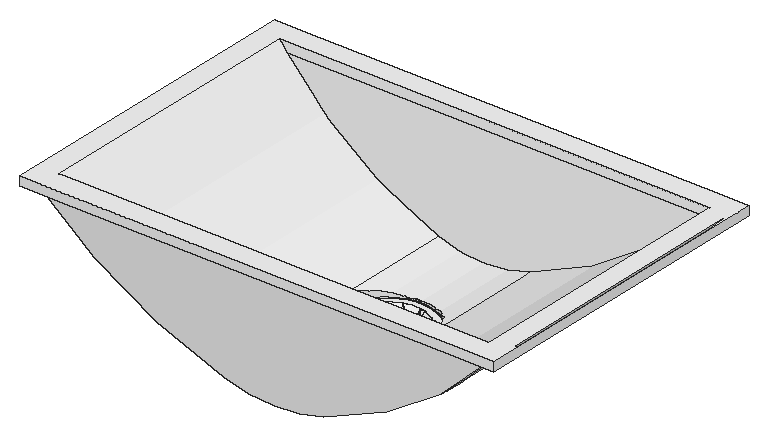
Revit family "Lav-Corian-European-Refresh-7420", category Plumbing Fixtures, host Face, Revit 2015
Parameters (values of type "7420")
  Width = 550 mm
  WFU = 0
  Version = "2015 - v1.0b"  # constant formula
  URL = "http://www.corian.uk/-the-complete-residential-surfaces-solutions-"
  Sink Colors Available = "Designer White, Glacier White"
  Product Page URL = "http://www.corian.uk/-bathroom-basins-"
  Model = "Refresh 7420"  # constant formula
  Manufacturer = "DuPont"  # constant formula
  Length = 370 mm
  Interior Width = 500 mm
  Interior Length = 320 mm
  Interior Depth = 176 mm
  HWFU = 0
  Finish = Solid Surface Sink - DuPont - Designer White
  Description = "Bathroom Basin Europe Specification"  # constant formula
  Depth = 130 mm
  Default Elevation = 1219.2 mm
  Cost = 0
  CWFU = 0
Reference planes
  plane 1 "Center (Front/Back)": y = 0
  plane 2: z = 0
  plane 3 "Center (Left/Right)": x = 0
  plane 4: y = 185
  plane 5: y = -185
  plane 6: x = -275
  plane 7: x = 275
  plane 8: z = -188
  plane 9: x = -250
  plane 10: x = 250
  plane 11: y = 160
  plane 12: y = -160
  plane 13 "NAME": z = -12
  plane 14: z = -142
  plane 15: y = 145
  plane 16: y = -145
  plane 17: z = -22.53
Forms (mm)
  Revolve 1, solid, material "Solid Surface Sink - DuPont - Designer White" <- "Finish"
    sketch origin (0, 0, 0) x (1, 0, 0) y (0, 0, 1)
      loop
        line (-53.984, -152.38) -> (-65.148, -152.38) -> (-39.543, -184) -> (-39.543, -188) -> (-24.543, -188) -> (-24.543, -180.443) -> (-46.569, -153.243) -> (-53.984, -153.243) -> (-53.984, -152.38)
      axis (0, -188) -> (0, -152.38)
    angle from 0 to 360
  Sweep 2, solid, material "Solid Surface Sink - DuPont - Designer White" <- "Finish"
    path origin (0, 0, 0) x (1, 0, 0) y (0, 0, 1)
      loop
        arc (-250, -12) -> (-160.445, -90.047) -> (-53.617, -142) r 450.945
        arc (-53.617, -142) -> (0, -150.668) -> (53.617, -142) r 170.165
        arc (53.617, -142) -> (160.445, -90.047) -> (250, -12) r 450.945
    profile origin (0, 0, -150.668) x (0, 0, 1) y (0, -1, 0)
      loop
        line (-15, -185) -> (0, -185) -> (0, 185) -> (-15, 185) -> (-15, -185)
  Revolve 3, void
    sketch origin (0, 0, 0) x (1, 0, 0) y (0, 0, 1)
      loop
        line (-53.984, -109.664) -> (-53.984, -153.243) -> (-46.569, -153.243) -> (-24.543, -180.443) -> (-24.543, -188) -> (0, -188) -> (0, -109.664) -> (-53.984, -109.664)
      axis (0, -109.664) -> (0, -188)
    angle from 0 to 360
  Extrusion 4, solid, material "Solid Surface Sink - DuPont - Designer White" <- "Finish"
    sketch origin (0, 0, 0) x (1, 0, 0) y (0, 1, 0)
      loop
        line (-275, 185) -> (-275, -185) -> (275, -185) -> (275, 185) -> (-275, 185)
      loop
        line (-250, 158.817) -> (-250, -158.817) -> (250, -158.817) -> (250, 158.817) -> (-250, 158.817)
    from -12 to -22.53
  Extrusion 5, solid, material "Solid Surface Sink - DuPont - Designer White" <- "Finish"
    sketch origin (0, 0, 0) x (0, 1, 0) y (0, 0, 1)
      loop
        line (158.817, -22.53) -> (142.533, -172) -> (158.604, -172) -> (173.926, -22.53) -> (158.817, -22.53)
      loop
        line (-158.817, -22.53) -> (-173.926, -22.53) -> (-158.604, -172) -> (-142.533, -172) -> (-158.817, -22.53)
    from -275 to 275
  Extrusion 6, void
    sketch origin (0, 0, 0) x (0, 1, 0) y (0, 0, 1)
      loop
        line (185, -22.53) -> (166.426, -22.53) -> (149.102, -188) -> (185, -188) -> (185, -22.53)
      loop
        line (-185, -22.53) -> (-185, -188) -> (-149.102, -188) -> (-166.426, -22.53) -> (-185, -22.53)
    from -275 to 275
  Extrusion 7, void
    sketch origin (0, 0, 0) x (0, 1, 0) y (0, 0, 1)
      loop
        line (158.817, -22.53) -> (160.056, -12) -> (-160.056, -12) -> (-158.817, -22.53) -> (158.817, -22.53)
    from -250 to 250
  Extrusion 8, void
    sketch origin (0, 0, 0) x (1, 0, 0) y (0, 0, 1)
      loop
        line (-260.713, -22.53) -> (-275, -22.53) -> (-275, -188) -> (275, -188) -> (275, -22.53) -> (260.713, -22.53)
        arc (260.713, -22.53) -> (168.381, -102.782) -> (58.344, -156.236) r 465.945
        arc (58.344, -156.236) -> (0, -165.668) -> (-58.344, -156.236) r 185.165
        arc (-58.344, -156.236) -> (-168.381, -102.782) -> (-260.713, -22.53) r 465.945
    from -185 to 185
  Extrusion 9, void
    sketch origin (0, 0, 0) x (1, 0, 0) y (0, 1, 0)
      loop
        line (-250, 160) -> (-250, -160.059) -> (250, -160.059) -> (250, 160) -> (-250, 160)
    from -188 to 0
Cuts and joins
  Revolve 3, Extrusion 6 cuts Sweep 2
  Revolve 3, Extrusion 7 cuts Extrusion 4
  Extrusion 8 cuts Extrusion 5
  joined: Sweep 2, Extrusion 4, Extrusion 5
  Extrusion 6 cuts Revolve 1
Lines and regions (mm)
  Masking region 1, detail levels medium+fine
    outline origin (-322.065, -4572, -12) x (-1, 0, 0) y (0, -1, 0)
      loop
        circle (-322.065, -4572) r 45
  Masking region 2, detail levels medium+fine
    outline origin (0, 0, 0) x (1, 0, 0) y (0, 1, 0)
      loop
        circle (0, 0) r 45
  Masking region 3
    outline origin (0, 0, 0) x (1, 0, 0) y (0, 1, 0)
      loop
        line (-250, 160) -> (-250, -160.056) -> (250, -160.056) -> (250, 160) -> (-250, 160)
  Masking region 4, detail levels fine
    outline origin (0, 0, 0) x (1, 0, 0) y (0, 1, 0)
      loop
        arc (-250, 160) -> (0, 145) -> (250, 160) r 2090.833
        line (250, 160) -> (-250, 160)
      loop
        line (-250, -160) -> (250, -160)
        arc (250, -160) -> (0, -145) -> (-250, -160) r 2090.833
Dimensions and locks
  equal spacing: plane 4, plane 1 "Center (Front/Back)", plane 5
  equal spacing: plane 6, plane 3 "Center (Left/Right)", plane 7
  "Length": plane 4 to plane 5
  "Width": plane 6 to plane 7
  equal spacing: plane 9, plane 3 "Center (Left/Right)", plane 10
  equal spacing: plane 11, plane 1 "Center (Front/Back)", plane 12
  "Interior Width": plane 9 to plane 10
  "Interior Length": plane 11 to plane 12
  locked: plane 2 to plane 13 "NAME" at 12
  "Interior Depth": plane 13 "NAME" to plane 8
  "Depth": plane 13 "NAME" to plane 14
  plane 14 to Sweep 2 sketch curve to Sweep 2 sketch curve = 8.668 mm locked, 15 mm locked
  plane 14 to Revolve 1 sketch curve to Revolve 1 sketch curve to Revolve 1 sketch curve to Revolve 1 sketch curve = 10.38 mm locked, 0.863 mm locked, 27.2 mm locked, 3.557 mm locked
  plane 3 "Center (Left/Right)" to Revolve 1 sketch curve to Revolve 1 sketch curve to Revolve 1 sketch curve to Revolve 1 sketch curve to Revolve 1 sketch curve = 24.543 mm locked, 15 mm locked, 7.026 mm locked, 7.415 mm locked, 11.164 mm
  plane 3 "Center (Left/Right)" to Revolve 3 sketch curve to Revolve 3 sketch curve to Revolve 3 sketch curve = 24.543 mm locked, 22.026 mm locked, 7.415 mm locked
  Revolve 3 sketch curve to plane 14 to Revolve 3 sketch curve to Revolve 3 sketch curve = 32.336 mm locked, 11.243 mm locked, 27.2 mm locked
  locked: plane 11 to plane 15 at 15
  locked: plane 16 to plane 12 at 15
  locked: plane 13 "NAME" to plane 17 at 10.53
  locked: plane 14 to Extrusion 5 sketch curve at 30  (x2)
  plane 4 to Extrusion 5 sketch curve to Extrusion 5 sketch curve to Extrusion 5 sketch curve to Extrusion 5 sketch curve = 11.074 mm locked, 15.109 mm locked, 0.213 mm locked, 16.071 mm locked
  locked: plane 13 "NAME" to Extrusion 5 sketch curve at 10.53
  level to Extrusion 5 = 172 mm
  plane 5 to Extrusion 5 sketch curve to Extrusion 5 sketch curve to Extrusion 5 sketch curve to Extrusion 5 sketch curve = 11.074 mm locked, 15.109 mm locked, 0.213 mm locked, 16.071 mm locked
  locked: Extrusion 5 sketch curve to plane 17
  plane 4 to Extrusion 6 sketch curve to Extrusion 6 sketch curve = 18.574 mm, 17.323 mm locked
  plane 5 to Extrusion 6 sketch curve to Extrusion 6 sketch curve = 18.574 mm, 17.323 mm locked
  locked: Extrusion 4 sketch curve to plane 12 at 1.183
  locked: plane 11 to Extrusion 4 sketch curve at 1.183
  Extrusion 7 sketch curve to plane 12 to Extrusion 7 sketch curve = 1.183 mm locked, 0.056 mm locked
  Extrusion 7 sketch curve to plane 11 to Extrusion 7 sketch curve = 0.056 mm locked, 1.183 mm locked
  plane 14 to Sweep 2 sketch curve to Sweep 2 sketch curve = 0 mm locked, 0 mm locked
  aligned and locked: plane 2 to host face
  aligned and locked: level to host face
  aligned and locked: plane 8 to Revolve 1 sketch curve  (x2)
  aligned and locked: Revolve 1 sketch curve to plane 3 "Center (Left/Right)"
  aligned and locked: plane 14 to Revolve 1 sketch curve
  aligned and locked: plane 3 "Center (Left/Right)" to Masking region 1 sketch curve
  aligned and locked: plane 1 "Center (Front/Back)" to Masking region 1 sketch curve
  aligned and locked: plane 4 to Sweep 2 sketch curve
  aligned and locked: Sweep 2 sketch curve to plane 5
  aligned and locked: plane 8 to Revolve 3 sketch curve
  aligned and locked: Revolve 3 sketch curve to Revolve 3 sketch curve
  aligned and locked: Revolve 3 sketch curve to plane 3 "Center (Left/Right)"
  aligned and locked: Extrusion 4 sketch curve to plane 4
  aligned and locked: plane 6 to Extrusion 4 sketch curve
  aligned and locked: plane 5 to Extrusion 4 sketch curve
  aligned and locked: Extrusion 4 sketch curve to plane 7
  aligned and locked: Extrusion 4 sketch curve to plane 10
  aligned and locked: plane 9 to Extrusion 4 sketch curve
  aligned and locked: Extrusion 4 to plane 13 "NAME"
  aligned and locked: Extrusion 4 to plane 17
  aligned and locked: Extrusion 5 to plane 6
  aligned and locked: plane 7 to Extrusion 5
  aligned and locked: Extrusion 6 sketch curve to plane 8
  aligned and locked: Extrusion 6 sketch curve to plane 17
  aligned and locked: plane 4 to Extrusion 6 sketch curve
  aligned and locked: plane 5 to Extrusion 6 sketch curve
  aligned and locked: plane 8 to Extrusion 6 sketch curve
  aligned and locked: plane 17 to Extrusion 6 sketch curve
  aligned and locked: Extrusion 6 to plane 6
  aligned and locked: plane 7 to Extrusion 6
  aligned and locked: Extrusion 7 sketch curve to plane 13 "NAME"
  aligned and locked: Extrusion 7 sketch curve to plane 17
  aligned and locked: Extrusion 7 to plane 9
  aligned and locked: plane 10 to Extrusion 7
  aligned and locked: plane 4 to Extrusion 8
  aligned and locked: Extrusion 8 to plane 5
  aligned and locked: Extrusion 8 sketch curve to plane 6
  aligned and locked: plane 8 to Extrusion 8 sketch curve
  aligned and locked: Extrusion 8 sketch curve to plane 7
  aligned and locked: Extrusion 8 sketch curve to plane 17
  aligned and locked: plane 17 to Extrusion 8 sketch curve
  aligned and locked: Extrusion 9 sketch curve to plane 11
  aligned and locked: Extrusion 9 to plane 8
  aligned and locked: level to Extrusion 9
  aligned and locked: plane 3 "Center (Left/Right)" to Masking region 2 sketch curve
  aligned and locked: plane 1 "Center (Front/Back)" to Masking region 2 sketch curve
  aligned and locked: plane 9 to Extrusion 9 sketch curve
  aligned and locked: Extrusion 9 sketch curve to plane 10
  aligned and locked: Masking region 3 sketch curve to plane 11
  aligned and locked: plane 9 to Masking region 3 sketch curve
  aligned and locked: Masking region 3 sketch curve to cut or joined group of Sweep 2, Revolve 3, Extrusion 4, Extrusion 5, Extrusion 6, Extrusion 7, Extrusion 8
  aligned and locked: cut or joined group of Sweep 2, Revolve 3, Extrusion 4, Extrusion 5, Extrusion 6, Extrusion 7, Extrusion 8 to Masking region 3 sketch curve
  aligned and locked: plane 10 to Sweep 2 sketch curve
  aligned and locked: plane 9 to Sweep 2 sketch curve
  aligned and locked: plane 13 "NAME" to Sweep 2 sketch curve  (x2)
Automatic sketch dimensions
  host sketch curve to host sketch curve = 2438.4 mm  (x2)
  Revolve 3 sketch curve to plane 3 "Center (Left/Right)" = 0 mm
  Extrusion 9 sketch curve to plane 12 = 0.059 mm
  Revolve 3 sketch curve to plane 14 = 0 mm
  Sweep 2 sketch curve to plane 14 = 0 mm  (x2)
  Sweep 2 sketch curve to plane 3 "Center (Left/Right)" = 0 mm
  Sweep 2 sketch curve to plane 3 "Center (Left/Right)" = 88.471 mm
  level to Sweep 2 sketch curve = 19.498 mm
  Extrusion 8 sketch curve to plane 3 "Center (Left/Right)" = 0 mm
  Extrusion 8 sketch curve to plane 9 = 10.713 mm
  plane 10 to Extrusion 8 sketch curve = 10.713 mm
  level to Extrusion 8 sketch curve = 19.498 mm
  Extrusion 8 sketch curve to Extrusion 8 sketch curve = 0 mm  (x3)
  Extrusion 8 sketch curve to plane 14 = 14.236 mm  (x2)
  plane 3 "Center (Left/Right)" to Extrusion 8 sketch curve = 88.471 mm
  Masking region 4 sketch curve to plane 9 = 0 mm  (x2)
  Masking region 4 sketch curve to plane 3 "Center (Left/Right)" = 0 mm  (x2)
  Masking region 4 sketch curve to plane 12 = 0 mm
  Masking region 4 sketch curve to plane 11 = 0 mm
  Masking region 4 sketch curve to plane 5 = 2050.833 mm
  plane 4 to Masking region 4 sketch curve = 2050.833 mm
  radius of Masking region 1 sketch curve = 45 mm
  radius of Masking region 2 sketch curve = 45 mm
Connectors
  piping at (0, 0, -188), diameter 90
    settings: on cut or joined group of Revolve 1, Extrusion 6, index 1, connector inside diameter 24", connector length 0 mm, flow factor 0, pipe flow 0 GPM, pressure drop 0.00 psi, fitting loss kfactor 0, connector angle 0.00°, fixture units 0, engagement length 0 mm, angle of deflection 0.00°, flow configuration 0, flow direction 2, fitting loss method 0, system type 16, joint type 0, gender type 0, connector reference index -1, connector utility 0, adjustable connector no, is connector primary yes, connector description "Drain"
